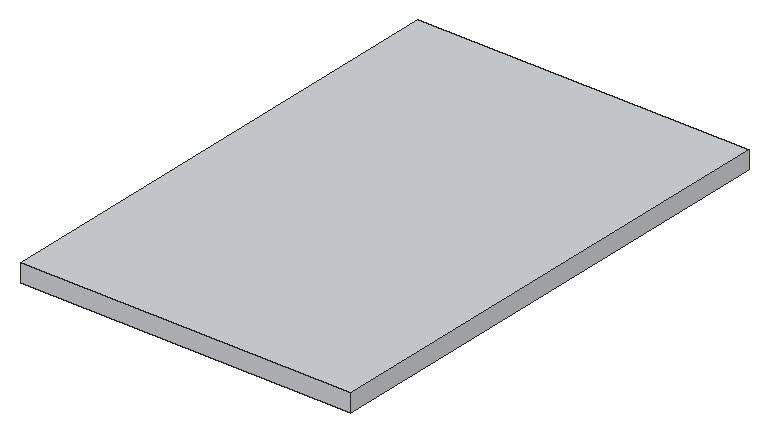
Revit family "M200-A160 DAWSxxxS", category Leuchten, Revit 2019
Family settings
  Basisbauteil = Fläche
  Bemaßung runder Anschluss = Durchmesser verwenden
  Teiletyp = Normal
  OmniClass-Nummer = 23.80.70.11
  OmniClass-Titel = Luminaries for Internal Lighting
  Beim Laden mit Abzugskörper schneiden = Nein
  Lichtquelle = Ja
  Gemeinsam genutzt = Nein
  Raumberechnungspunkt = Nein
Parameters (values of type "M200-A160 NDWS840S0600-RF")
  width = 200 mm  # constant formula
  weight = "11,1"
  voltage type (AC, DC, UC) = "AC"
  rated input power = 44  # constant formula
  product name = "M200-A160 NDWS840S0600-RF"
  nominal voltage = "230"
  nominal frequency = "50-60Hz"
  length = 1600 mm  # constant formula
  ingress protection (IP) code = "IP65"  # constant formula
  height = 70 mm  # constant formula
  electrical safety class = "2"  # constant formula
  control gear = ""
  conformity mark = "CE"  # constant formula
  brand = "RIDI"
  approval mark = ""
  built-in parameter 1150104 = 13.8 (stored number, unit not read)
  Wattage = 41.288 W
  Von Breite des Rechtecks ausssenden = 1448 mm  # constant formula
  Von Länge des Rechtecks aussenden = 151 mm  # constant formula
  Default Elevation = 0 mm
  built-in parameter 1150113 = 1 (stored number, unit not read)
  built-in parameter 1114218 = 1 (stored number, unit not read)
  URL = "www.ridi.de"
  built-in parameter 1150134 = 12
  built-in parameter 1150109 = 1 (stored number, unit not read)
  built-in parameter 1150110 = 1 (stored number, unit not read)
  Apparent Load = 44 VA  # constant formula
  Tilt Angle = 90.00°
  Modell = "0627617"
  built-in parameter 1114217 = 1 (stored number, unit not read)
  built-in parameter 1150139 = (empty or 0)
  built-in parameter 1150105 = 488.05 (stored number, unit not read)
  built-in parameter 1150114 = 1 (stored number, unit not read)
  Lumens = 6133 lm
  built-in parameter 1150115 = 1 (stored number, unit not read)
  built-in parameter 1150112 = 1 (stored number, unit not read)
  Lampe = "LED"
  Hersteller = "RIDI Leuchten GmbH"  # constant formula
  Dimming Lamp Color Temperature Shift = (empty or 0)
  Color Filter = 16777215
  built-in parameter 1150133 = 10 (stored number, unit not read)
  Emit Shape Visible in Rendering = no
  built-in parameter 1150137 = (empty or 0)
  built-in parameter 1150132 = 2
  Datei für fotometrisches Netz = "M200-A_S.IES"
  Copyright = "© RIDI. All rights reserved."  # constant formula
  built-in parameter 1150106 = 4.8805 (stored number, unit not read)
  Baugruppenkennzeichen = "D5020200"
  built-in parameter 1150107 = 4000 (stored number, unit not read)
  built-in parameter 1150102 = (empty or 0)
  built-in parameter 1150138 = (empty or 0)
Types (5, lengths in mm): name | product name | Wattage | built-in parameter 1150134 | Modell | built-in parameter 1150105 | Lumens | built-in parameter 1150106 | built-in parameter 1150107
  (no name) | "M200-A160 NDWS840S0600-RF" | 41.288 W | 12 | "0627617" | 488.05 (stored number, unit not read) | 6133 lm | 4.8805 (stored number, unit not read) | 4000 (stored number, unit not read)
  M200-A160 DAWS830S0600 | "M200-A160 DAWS830S0600" | 39.1741 W | (empty or 0) | "0637616" | 463.06 (stored number, unit not read) | 5819 lm | 4.6306 (stored number, unit not read) | 3000 (stored number, unit not read)
  M200-A160 DAWS840S0600 | "M200-A160 DAWS840S0600" | 41.288 W | 12 | "0637617" | 488.05 (stored number, unit not read) | 6133 lm | 4.8805 (stored number, unit not read) | 4000 (stored number, unit not read)
  M200-A160 NDWS830S0600-RF | "M200-A160 NDWS830S0600-RF" | 39.1741 W | (empty or 0) | "0627616" | 463.06 (stored number, unit not read) | 5819 lm | 4.6306 (stored number, unit not read) | 3000 (stored number, unit not read)
  M200-A160 NDWS840S0600-RF | "M200-A160 NDWS840S0600-RF" | 41.288 W | 12 | "0627617" | 488.05 (stored number, unit not read) | 6133 lm | 4.8805 (stored number, unit not read) | 4000 (stored number, unit not read)
Reference planes
  plane 1 "Mitte (Vorne/hinten)": y = 0
  plane 2: z = 0
  plane 3 "Mitte (Links/rechts)": x = 0
  plane 4: z = 0
Forms (mm)
  Extrusion 1, solid
    sketch origin (219.2, 280.8, 0) x (1, 0, 0) y (0, 1, 0)
      loop
        line (-1219.2, 1219.2) -> (-1219.2, -1780.8) -> (780.8, -1780.8) -> (780.8, 1219.2) -> (-1219.2, 1219.2)
    from 0 to -107.307
Dimensions and locks
  plane 4 to Extrusion 1 = 0 mm
  aligned and locked: plane 2 to Extrusion 1
  aligned and locked: imposter light to plane 3 "Mitte (Links/rechts)"
  aligned and locked: imposter light to import instance
  aligned and locked: import instance to plane 4
  aligned and locked: plane 4 to Extrusion 1
Connectors
  electrical at (-51.389, 699, 9.769), driven by "Apparent Load"
    settings: on import instance, index 1, voltage 230 V, apparent load 0 VA, apparent load phase1 44 VA, apparent load phase2 0 VA, apparent load phase3 0 VA, power factor 1, load classification "Lighting", number of poles 1, system type 31, power factor state 1, is connector primary yes, connector utility no, sub classification motor no, connector description ""
